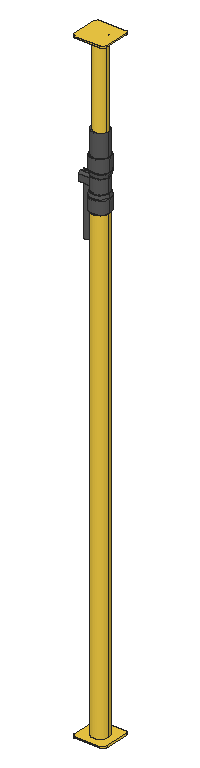
Revit family "EHL_STRONG PROP 2,35-4_2159333", category Generic Models, Revit 2018
Family settings
  Can host rebar = No
  Round Connector Dimension = Use Diameter
  Part Type = Normal
  OmniClass Number = 35.51.14.00
  OmniClass Title = FORMWORK
  Work Plane-Based = Yes
  Always vertical = No
  Cut with Voids When Loaded = No
  Shared = Yes
  Room Calculation Point = No
Parameters (values of type "EHL_STRONG PROP 2,35-4_2159333")
  VERSION = "20190101"  # constant formula
  URL = "www.ulmaconstruction.com/en"
  UNICLASS = ""
  Manufacturer = "ULMA CONSTRUCTION"  # constant formula
  MIN LENGTH = 2350.000 mm
  MAX LENGTH = 4000.000 mm
  ITEM_HEIGHT [instance] = if(HEIGHT < MIN LENGTH, MIN LENGTH, if(HEIGHT < MAX LENGTH, HEIGHT, MAX LENGTH))  # 2350.000 mm
  ITEM_CODE = "2159333"
  HEIGHT [instance] = 2350.000 mm
  FILTER [instance] = ""
  Default Elevation = 0.000 mm
  CLASSIFICATION_TITLE = ""
  CLASSIFICATION_NUMBER = ""
Reference planes
  plane 1 "Centro (Frontal/Posterior)": y = 0
  plane 2: z = 0
  plane 3 "Centro (Izquierda/Derecha)": x = 0
  plane 4 "ITEM_HEIGHT": z = 2350
  plane 5 "HEIGHT": z = 2350
  plane 6 "INSIDE TUBE": z = 105
  plane 7 "EXTERIOR TUBE": z = 1760
Forms (mm)
  Extrusion 1, solid, material "ULMA YELLOW"
    sketch origin (0, 0, 0) x (1, 0, 0) y (0, 1, 0)
      loop
        arc (-46, 60) -> (-55.899, 55.899) -> (-60, 46) r 14
        line (-60, 46) -> (-60, -46)
        arc (-60, -46) -> (-55.899, -55.899) -> (-46, -60) r 14
        line (-46, -60) -> (46, -60)
        arc (46, -60) -> (55.899, -55.899) -> (60, -46) r 14
        line (60, -46) -> (60, 46)
        arc (60, 46) -> (55.899, 55.899) -> (46, 60) r 14
        line (46, 60) -> (-46, 60)
    from 0 to 4
  Extrusion 2, solid, material "ULMA YELLOW"
    sketch origin (0, 0, 4) x (1, 0, 0) y (0, 1, 0)
      loop
        circle (0, 0) r 30
    from 0 to 1756
  Extrusion 3, solid, material "ULMA YELLOW"
    sketch origin (0, 0, 2350) x (-1, 0, 0) y (0, -1, 0)
      loop
        arc (46, -60) -> (55.899, -55.899) -> (60, -46) r 14
        line (60, -46) -> (60, 46)
        arc (60, 46) -> (55.899, 55.899) -> (46, 60) r 14
        line (46, 60) -> (-46, 60)
        arc (-46, 60) -> (-55.899, 55.899) -> (-60, 46) r 14
        line (-60, 46) -> (-60, -46)
        arc (-60, -46) -> (-55.899, -55.899) -> (-46, -60) r 14
        line (-46, -60) -> (46, -60)
    from 0 to -4
  Extrusion 4, solid, material "ULMA YELLOW"
    sketch origin (-860.375, -1524, 2350) x (-1, 0, 0) y (0, -1, 0)
      loop
        circle (-860.375, -1524) r 26
    from -4 to -2245
  Extrusion 5, solid, material "ULMA BLACK", detail levels fine
    sketch origin (0, 0, 0) x (0, 1, 0) y (0, 0, 1)
      loop
        line (-6.5, 1867) -> (6.5, 1867)
        arc (6.5, 1867) -> (10.036, 1865.536) -> (11.5, 1862) r 5
        line (11.5, 1862) -> (11.5, 1838) -> (15.5, 1838) -> (15.5, 1862)
        arc (15.5, 1862) -> (12.864, 1868.364) -> (6.5, 1871) r 9
        line (6.5, 1871) -> (-6.5, 1871)
        arc (-6.5, 1871) -> (-12.864, 1868.364) -> (-15.5, 1862) r 9
        line (-15.5, 1862) -> (-15.5, 1838) -> (-11.5, 1838) -> (-11.5, 1862)
        arc (-11.5, 1862) -> (-10.036, 1865.536) -> (-6.5, 1867) r 5
    from -68.125 to 0
  Revolve 6, solid, material "ULMA BLACK", detail levels fine
    sketch origin (0, 0, 0) x (1, 0, 0) y (0, 0, 1)
      loop
        line (0, 1760) -> (0, 1948) -> (-34, 1948) -> (-35.5, 1946.5) -> (-35.5, 1899.671)
        arc (-35.5, 1899.671) -> (-35.404, 1897.715) -> (-35.117, 1895.777) r 20
        line (-35.117, 1895.777) -> (-32.393, 1882.055)
        arc (-32.393, 1882.055) -> (-32.192, 1880.698) -> (-32.125, 1879.329) r 14
        line (-32.125, 1879.329) -> (-32.125, 1828.671)
        arc (-32.125, 1828.671) -> (-32.192, 1827.302) -> (-32.393, 1825.945) r 14
        line (-32.393, 1825.945) -> (-35.117, 1812.223)
        arc (-35.117, 1812.223) -> (-35.404, 1810.285) -> (-35.5, 1808.329) r 20
        line (-35.5, 1808.329) -> (-35.5, 1761.5) -> (-34, 1760) -> (0, 1760)
      axis (0, 1948) -> (0, 1760)
    angle from 0 to 360
  Extrusion 7, solid, material "ULMA BLACK", detail levels fine
    sketch origin (-448.639, -1524, 1760) x (-1, 0, 0) y (0, -1, 0)
      loop
        circle (-400.514, -1524) r 10
    from -110 to 100
  Extrusion 8, solid, material "ULMA BLACK", detail levels fine
    sketch origin (-442.814, -1524, 1760) x (-1, 0, 0) y (0, -1, 0)
      loop
        circle (-442.814, -1524) r 30.5
    from 188 to 272
Lines and regions (mm)
  model lines, style "ULMA PROP", detail levels fine
    curve 1: circle (-40, 40, 4) r 7.25 normal (0, 0, 1)
    curve 2: circle (0, 46.5, 4) r 3 normal (0, 0, 1)
    curve 3: circle (40, 40, 4) r 7.25 normal (0, 0, 1)
    curve 4: circle (46.5, 0, 4) r 3 normal (0, 0, 1)
    curve 5: circle (40, -40, 4) r 7.25 normal (0, 0, 1)
    curve 6: circle (0, -46.5, 4) r 3 normal (0, 0, 1)
    curve 7: circle (-40, -40, 4) r 7.25 normal (0, 0, 1)
    curve 8: circle (-46.5, 0, 4) r 3 normal (0, 0, 1)
    curve 9: circle (0, 0, 0) r 21 normal (0, 0, 1)
    curve 10: circle (-40, 40, 0) r 7.25 normal (0, 0, 1)
    curve 11: circle (0, 46.5, 0) r 3 normal (0, 0, 1)
    curve 12: circle (40, 40, 0) r 7.25 normal (0, 0, 1)
    curve 13: circle (46.5, 0, 0) r 3 normal (0, 0, 1)
    curve 14: circle (40, -40, 0) r 7.25 normal (0, 0, 1)
    curve 15: circle (0, -46.5, 0) r 3 normal (0, 0, 1)
    curve 16: circle (-40, -40, 0) r 7.25 normal (0, 0, 1)
    curve 17: circle (-46.5, 0, 0) r 3 normal (0, 0, 1)
    curve 18: circle (-40, 40, 2350) r 7.25 normal (0, 0, 1)
    curve 19: circle (40, 40, 2350) r 7.25 normal (0, 0, 1)
    curve 20: circle (40, -40, 2350) r 7.25 normal (0, 0, 1)
    curve 21: circle (-40, -40, 2350) r 7.25 normal (0, 0, 1)
    curve 22: circle (-40, 40, 2346) r 7.25 normal (0, 0, 1)
    curve 23: circle (40, 40, 2346) r 7.25 normal (0, 0, 1)
    curve 24: circle (40, -40, 2346) r 7.25 normal (0, 0, 1)
    curve 25: circle (-40, -40, 2346) r 7.25 normal (0, 0, 1)
    curve 26: circle (0, 0, 2350) r 21 normal (0, 0, 1)
    curve 27: circle (0, 46.5, 2350) r 3 normal (0, 0, 1)
    curve 28: circle (46.5, 0, 2350) r 3 normal (0, 0, 1)
    curve 29: circle (0, -46.5, 2350) r 3 normal (0, 0, 1)
    curve 30: circle (-46.5, 0, 2350) r 3 normal (0, 0, 1)
    curve 31: circle (0, 46.5, 2346) r 3 normal (0, 0, 1)
    curve 32: circle (46.5, 0, 2346) r 3 normal (0, 0, 1)
    curve 33: circle (0, -46.5, 2346) r 3 normal (0, 0, 1)
    curve 34: circle (-46.5, 0, 2346) r 3 normal (0, 0, 1)
Dimensions and locks
  Extrusion 1 sketch curve to plane 3 "Centro (Izquierda/Derecha)" = 60.000 mm
  Extrusion 1 sketch curve to Extrusion 1 sketch curve = 120.000 mm  (x2)
  plane 1 "Centro (Frontal/Posterior)" to Extrusion 1 sketch curve = 60.000 mm
  "ITEM_HEIGHT": plane 4 "ITEM_HEIGHT" to plane 2
  "HEIGHT": plane 5 "HEIGHT" to plane 2
  Extrusion 3 sketch curve to Extrusion 3 sketch curve = 120.000 mm  (x2)
  locked: plane 4 "ITEM_HEIGHT" to plane 6 "INSIDE TUBE" at 2245
  locked: plane 7 "EXTERIOR TUBE" to plane 2 at 1760
  locked: Extrusion 5 sketch curve to plane 7 "EXTERIOR TUBE" at 78
  locked: plane 7 "EXTERIOR TUBE" to Extrusion 5 sketch curve at 78
  locked: plane 7 "EXTERIOR TUBE" to Extrusion 5 sketch curve at 107
  locked: plane 7 "EXTERIOR TUBE" to Extrusion 5 sketch curve at 111
  diameter of Extrusion 2 sketch curve = 60.000 mm
  diameter of Extrusion 4 sketch curve = 52.000 mm
  aligned and locked: level to plane 2
  aligned and locked: Extrusion 4 to plane 6 "INSIDE TUBE"
  aligned and locked: plane 7 "EXTERIOR TUBE" to Extrusion 2
Automatic sketch dimensions
  curve 19 to Extrusion 3 = 20.000 mm  (x2)
  curve 20 to Extrusion 3 = 20.000 mm  (x2)
  curve 18 to Extrusion 3 = 20.000 mm  (x2)
  curve 21 to Extrusion 3 = 20.000 mm  (x2)
  Extrusion 3 to curve 23 = 20.000 mm  (x2)
  Extrusion 3 to curve 24 = 20.000 mm  (x2)
  Extrusion 3 to curve 25 = 20.000 mm  (x2)
  Extrusion 3 to curve 22 = 20.000 mm  (x2)
  Extrusion 1 sketch curve to Extrusion 1 sketch curve = 14.000 mm  (x4)
  Extrusion 1 to curve 17 = 13.500 mm
  Extrusion 1 to curve 16 = 20.000 mm  (x2)
  Extrusion 1 to curve 10 = 20.000 mm  (x2)
  Extrusion 1 to curve 11 = 13.500 mm
  curve 10 to curve 11 = 40.000 mm
  curve 9 to curve 11 = 0.000 mm
  Extrusion 1 to curve 15 = 13.500 mm
  curve 16 to curve 15 = 40.000 mm
  Extrusion 1 to curve 12 = 20.000 mm  (x2)
  Extrusion 1 to curve 14 = 20.000 mm  (x2)
  Extrusion 1 to curve 13 = 13.500 mm
  curve 9 to curve 11 = 46.500 mm
  curve 14 to curve 13 = 40.000 mm
  curve 16 to curve 17 = 40.000 mm
  curve 19 to curve 26 = 40.000 mm  (x2)
  curve 28 to Extrusion 3 = 13.500 mm
  curve 29 to Extrusion 3 = 13.500 mm
  curve 29 to curve 21 = 40.000 mm
  curve 27 to Extrusion 3 = 13.500 mm
  curve 27 to curve 18 = 40.000 mm
  curve 30 to Extrusion 3 = 13.500 mm
  curve 19 to curve 28 = 40.000 mm
  curve 18 to curve 30 = 40.000 mm
  Extrusion 3 to curve 32 = 13.500 mm
  Extrusion 3 to curve 31 = 13.500 mm
  curve 31 to curve 22 = 40.000 mm
  Extrusion 3 to curve 33 = 13.500 mm
  curve 33 to curve 25 = 40.000 mm
  Extrusion 3 to curve 34 = 13.500 mm
  curve 23 to curve 32 = 40.000 mm
  curve 22 to curve 34 = 40.000 mm
  plane 3 "Centro (Izquierda/Derecha)" to Extrusion 3 sketch curve = 60.000 mm
  Extrusion 3 sketch curve to Extrusion 3 sketch curve = 14.000 mm  (x4)
  Extrusion 5 sketch curve to Extrusion 5 sketch curve = 0.000 mm  (x4)
  plane 1 "Centro (Frontal/Posterior)" to Extrusion 5 sketch curve = 15.500 mm
  plane 1 "Centro (Frontal/Posterior)" to Extrusion 5 sketch curve = 6.500 mm
  Extrusion 5 sketch curve to plane 1 "Centro (Frontal/Posterior)" = 6.500 mm
  Extrusion 5 sketch curve to Extrusion 5 sketch curve = 5.000 mm
  curve 8 to Extrusion 1 = 13.500 mm
  curve 7 to Extrusion 1 = 20.000 mm  (x2)
  curve 1 to Extrusion 1 = 20.000 mm  (x2)
  curve 2 to Extrusion 1 = 13.500 mm
  curve 1 to curve 2 = 40.000 mm
  curve 6 to Extrusion 1 = 13.500 mm
  curve 7 to curve 6 = 40.000 mm
  curve 3 to Extrusion 1 = 20.000 mm  (x2)
  curve 5 to Extrusion 1 = 20.000 mm  (x2)
  curve 4 to Extrusion 1 = 13.500 mm
  curve 5 to curve 4 = 40.000 mm
  curve 7 to curve 8 = 40.000 mm
  plane 1 "Centro (Frontal/Posterior)" to Extrusion 7 sketch curve = 0.000 mm
  Extrusion 7 sketch curve to plane 3 "Centro (Izquierda/Derecha)" = 48.125 mm
  Revolve 6 sketch curve to plane 7 "EXTERIOR TUBE" = 0.000 mm
  Revolve 6 sketch curve to plane 3 "Centro (Izquierda/Derecha)" = 0.000 mm  (x2)
  Revolve 6 sketch curve to plane 3 "Centro (Izquierda/Derecha)" = 15.500 mm  (x2)
  Revolve 6 sketch curve to Revolve 6 sketch curve = 16.625 mm
  Revolve 6 sketch curve to Revolve 6 sketch curve = 0.268 mm
  Revolve 6 sketch curve to Revolve 6 sketch curve = 34.000 mm
  Revolve 6 sketch curve to Revolve 6 sketch curve = 2.724 mm  (x2)
  Revolve 6 sketch curve to Revolve 6 sketch curve = 1.500 mm  (x3)
  Revolve 6 sketch curve to Revolve 6 sketch curve = 0.383 mm
  Revolve 6 sketch curve to Revolve 6 sketch curve = 14.000 mm
  Revolve 6 sketch curve to Revolve 6 sketch curve = 13.732 mm
  plane 7 "EXTERIOR TUBE" to Revolve 6 sketch curve = 48.329 mm
  Revolve 6 sketch curve to Revolve 6 sketch curve = 13.722 mm  (x2)
  Revolve 6 sketch curve to Revolve 6 sketch curve = 2.726 mm
  Revolve 6 sketch curve to Revolve 6 sketch curve = 46.829 mm
  plane 7 "EXTERIOR TUBE" to Revolve 6 sketch curve = 1.500 mm
  Revolve 6 sketch curve to level = 366.045 mm
  Revolve 6 sketch curve to Revolve 6 sketch curve = 50.658 mm
  Revolve 6 sketch curve to plane 4 "ITEM_HEIGHT" = 135.685 mm
  plane 1 "Centro (Frontal/Posterior)" to Extrusion 8 sketch curve = 0.000 mm
  Extrusion 8 sketch curve to plane 3 "Centro (Izquierda/Derecha)" = 0.000 mm
  plane 1 "Centro (Frontal/Posterior)" to Extrusion 4 sketch curve = 0.000 mm
  Extrusion 4 sketch curve to plane 3 "Centro (Izquierda/Derecha)" = 0.000 mm
  Extrusion 2 sketch curve to Extrusion 1 = 60.000 mm  (x2)
  Extrusion 3 sketch curve to plane 1 "Centro (Frontal/Posterior)" = 60.000 mm
  radius of curve 18 = 7.250 mm
  radius of curve 19 = 7.250 mm
  radius of curve 20 = 7.250 mm
  radius of curve 21 = 7.250 mm
  radius of curve 26 = 21.000 mm
  radius of curve 22 = 7.250 mm
  radius of curve 23 = 7.250 mm
  radius of curve 24 = 7.250 mm
  radius of curve 25 = 7.250 mm
  radius of curve 9 = 21.000 mm
  radius of curve 10 = 7.250 mm
  radius of curve 11 = 3.000 mm
  radius of curve 12 = 7.250 mm
  radius of curve 13 = 3.000 mm
  radius of curve 14 = 7.250 mm
  radius of curve 15 = 3.000 mm
  radius of curve 16 = 7.250 mm
  radius of curve 17 = 3.000 mm
  radius of curve 27 = 3.000 mm
  radius of curve 28 = 3.000 mm
  radius of curve 29 = 3.000 mm
  radius of curve 30 = 3.000 mm
  radius of curve 31 = 3.000 mm
  radius of curve 32 = 3.000 mm
  radius of curve 33 = 3.000 mm
  radius of curve 34 = 3.000 mm
  radius of curve 1 = 7.250 mm
  radius of curve 2 = 3.000 mm
  radius of curve 3 = 7.250 mm
  radius of curve 4 = 3.000 mm
  radius of curve 5 = 7.250 mm
  radius of curve 6 = 3.000 mm
  radius of curve 7 = 7.250 mm
  radius of curve 8 = 3.000 mm
  radius of Extrusion 7 sketch curve = 10.000 mm
  radius of Extrusion 8 sketch curve = 30.500 mm
